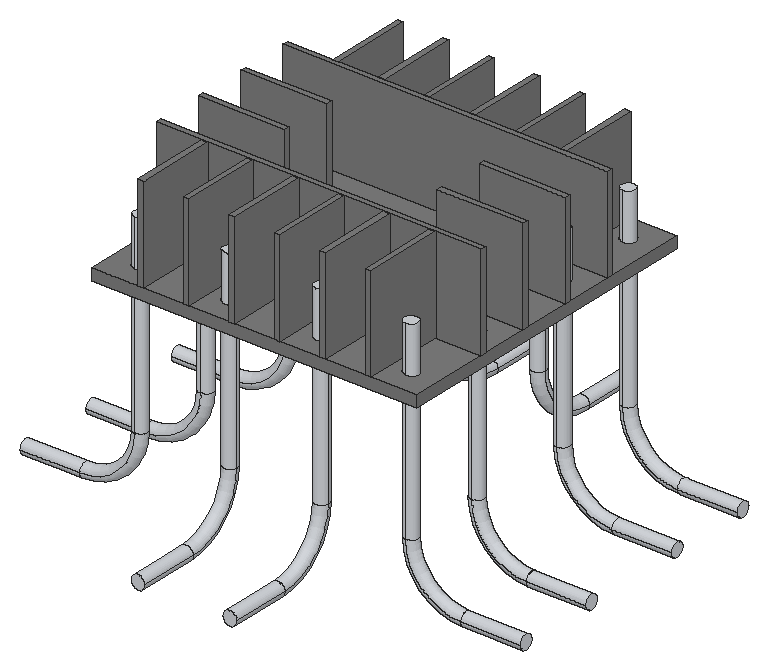
Revit family "BPL8", category Generic Models, host Face, Revit 2018
Family settings
  Host = Face
  Can host rebar = Yes
  Round Connector Dimension = Use Diameter
  Part Type = Normal
  Cut with Voids When Loaded = No
  Shared = No
  Room Calculation Point = No
Parameters
  void = 38 mm
  t = 30 mm
  W = 850 mm
  L = 850 mm
  Default Elevation = 1219.2 mm
  BS-MAT = STEEL
Reference planes
  plane 1 "Center (Front/Back)": y = 0
  plane 2: z = 0
  plane 3 "Center (Left/Right)": x = 0
  plane 4: y = 425
  plane 5: x = 425
  plane 6: x = -425
  plane 7: y = -425
  plane 8: z = 30
Forms (mm)
  Extrusion 1, solid, material "STEEL"
    sketch origin (0, 0, 0) x (1, 0, 0) y (0, 1, 0)
      loop
        line (-425, 425) -> (-425, -425) -> (425, -425) -> (425, 425) -> (-425, 425)
    from 0 to 30
  Extrusion 2, void
    sketch origin (4.344, -45.398, 0) x (1, 0, 0) y (0, 1, 0)
      loop
        circle (350.656, -309.602) r 19
    from -232.119 to 250
  Extrusion 3, void
    sketch origin (-4.344, -45.398, 0) x (-1, 0, 0) y (0, -1, 0)
      loop
        circle (350.656, 309.602) r 19
    from -232.119 to 250
  Extrusion 4, void
    sketch origin (4.344, 45.398, 0) x (1, 0, 0) y (0, 1, 0)
      loop
        circle (350.656, 309.602) r 19
    from -232.119 to 250
  Extrusion 5, void
    sketch origin (-4.344, 45.398, 0) x (-1, 0, 0) y (0, -1, 0)
      loop
        circle (350.656, -309.602) r 19
    from -232.119 to 250
  Extrusion 6, void
    sketch origin (230.656, -45.398, 0) x (-1, 0, 0) y (0, -1, 0)
      loop
        circle (350.656, 309.602) r 19
    from -232.119 to 250
  Extrusion 7, void
    sketch origin (-230.656, -45.398, 0) x (1, 0, 0) y (0, 1, 0)
      loop
        circle (350.656, -309.602) r 19
    from -232.119 to 250
  Extrusion 8, void
    sketch origin (230.656, 45.398, 0) x (-1, 0, 0) y (0, -1, 0)
      loop
        circle (350.656, -309.602) r 19
    from -232.119 to 250
  Extrusion 9, void
    sketch origin (-230.656, 45.398, 0) x (1, 0, 0) y (0, 1, 0)
      loop
        circle (350.656, 309.602) r 19
    from -232.119 to 250
  Extrusion 10, void
    sketch origin (-4.344, 169.602, 0) x (-1, 0, 0) y (0, -1, 0)
      loop
        circle (350.656, 309.602) r 19
    from -232.119 to 250
  Extrusion 11, void
    sketch origin (-4.344, 449.602, 0) x (-1, 0, 0) y (0, -1, 0)
      loop
        circle (350.656, 309.602) r 19
    from -232.119 to 250
  Extrusion 12, void
    sketch origin (4.344, 169.602, 0) x (1, 0, 0) y (0, 1, 0)
      loop
        circle (350.656, -309.602) r 19
    from -232.119 to 250
  Extrusion 13, void
    sketch origin (4.344, 449.602, 0) x (1, 0, 0) y (0, 1, 0)
      loop
        circle (350.656, -309.602) r 19
    from -232.119 to 250
Cuts and joins
  Extrusion 2, Extrusion 3, Extrusion 4, Extrusion 5, Extrusion 6, Extrusion 7, Extrusion 8, Extrusion 9, Extrusion 10, Extrusion 11, Extrusion 12, Extrusion 13 cuts Extrusion 1
Dimensions and locks
  equal spacing: plane 6, plane 3 "Center (Left/Right)", plane 5
  "L": plane 6 to plane 5
  equal spacing: plane 4, plane 1 "Center (Front/Back)", plane 7
  "W": plane 4 to plane 7
  "t": host face to plane 8
  "void": diameter of Extrusion 2 sketch curve
  "void": diameter of Extrusion 3 sketch curve
  "void": diameter of Extrusion 4 sketch curve
  "void": diameter of Extrusion 5 sketch curve
  "void": diameter of Extrusion 6 sketch curve
  "void": diameter of Extrusion 7 sketch curve
  "void": diameter of Extrusion 8 sketch curve
  "void": diameter of Extrusion 9 sketch curve
  "void": diameter of Extrusion 10 sketch curve
  "void": diameter of Extrusion 11 sketch curve
  "void": diameter of Extrusion 12 sketch curve
  "void": diameter of Extrusion 13 sketch curve
  aligned and locked: plane 2 to host face
  aligned and locked: level to host face
  aligned and locked: Extrusion 1 sketch curve to plane 4
  aligned and locked: plane 6 to Extrusion 1 sketch curve
  aligned and locked: Extrusion 1 sketch curve to plane 7
  aligned and locked: Extrusion 1 sketch curve to plane 5
  aligned and locked: plane 8 to Extrusion 1
Automatic sketch dimensions
  host sketch curve to host sketch curve = 2438.4 mm  (x2)
  Extrusion 2 sketch curve to plane 5 = 70 mm
  Extrusion 2 sketch curve to plane 7 = 70 mm
  Extrusion 3 sketch curve to plane 6 = 70 mm
  plane 7 to Extrusion 3 sketch curve = 70 mm
  plane 5 to Extrusion 4 sketch curve = 70 mm
  plane 4 to Extrusion 4 sketch curve = 70 mm
  plane 6 to Extrusion 5 sketch curve = 70 mm
  Extrusion 5 sketch curve to plane 4 = 70 mm
  plane 3 "Center (Left/Right)" to Extrusion 6 sketch curve = 120 mm
  plane 7 to Extrusion 6 sketch curve = 70 mm
  plane 3 "Center (Left/Right)" to Extrusion 7 sketch curve = 120 mm
  Extrusion 7 sketch curve to plane 7 = 70 mm
  Extrusion 8 sketch curve to plane 3 "Center (Left/Right)" = 120 mm
  Extrusion 8 sketch curve to plane 4 = 70 mm
  Extrusion 9 sketch curve to plane 3 "Center (Left/Right)" = 120 mm
  plane 4 to Extrusion 9 sketch curve = 70 mm
  Extrusion 10 sketch curve to plane 6 = 70 mm
  Extrusion 10 sketch curve to plane 1 "Center (Front/Back)" = 140 mm
  Extrusion 11 sketch curve to plane 6 = 70 mm
  plane 1 "Center (Front/Back)" to Extrusion 11 sketch curve = 140 mm
  Extrusion 12 sketch curve to plane 5 = 70 mm
  plane 1 "Center (Front/Back)" to Extrusion 12 sketch curve = 140 mm
  Extrusion 13 sketch curve to plane 5 = 70 mm
  Extrusion 13 sketch curve to plane 1 "Center (Front/Back)" = 140 mm
Nested families
  nested 1: "STIFNER1" at (394.189, -207.5, 30), type "STIFNER1"
    with BS-t 15 mm, BS-L 850 mm, BS-H2 250 mm, BS-H1 250 mm
  nested 2: "STIFNER1" at (394.189, 207.5, 30), type "STIFNER1"
    with BS-t 15 mm, BS-L 850 mm, BS-H2 250 mm, BS-H1 250 mm
  nested 3: "STIFNER1" at (298.214, 394.189, 30) x (0, 1, 0) z (0, 0, 1), type "STIFNER C"
    with BS-t 15 mm, BS-L 210 mm, BS-H2 250 mm, BS-H1 250 mm
  nested 4: "STIFNER1" at (178.929, 394.189, 30) x (0, 1, 0) z (0, 0, 1), type "STIFNER C"
    with BS-t 15 mm, BS-L 210 mm, BS-H2 250 mm, BS-H1 250 mm
  nested 5: "STIFNER1" at (59.643, 394.189, 30) x (0, 1, 0) z (0, 0, 1), type "STIFNER C"
    with BS-t 15 mm, BS-L 210 mm, BS-H2 250 mm, BS-H1 250 mm
  nested 6: "STIFNER1" at (-59.643, 394.189, 30) x (0, 1, 0) z (0, 0, 1), type "STIFNER C"
    with BS-t 15 mm, BS-L 210 mm, BS-H2 250 mm, BS-H1 250 mm
  nested 7: "STIFNER1" at (-178.929, 394.189, 30) x (0, 1, 0) z (0, 0, 1), type "STIFNER C"
    with BS-t 15 mm, BS-L 210 mm, BS-H2 250 mm, BS-H1 250 mm
  nested 8: "STIFNER1" at (-298.214, 394.189, 30) x (0, 1, 0) z (0, 0, 1), type "STIFNER C"
    with BS-t 15 mm, BS-L 210 mm, BS-H2 250 mm, BS-H1 250 mm
  nested 9: "STIFNER1" at (298.214, -394.189, 30) x (0, -1, 0) z (0, 0, 1), type "STIFNER C"
    with BS-t 15 mm, BS-L 210 mm, BS-H2 250 mm, BS-H1 250 mm
  nested 10: "STIFNER1" at (178.929, -394.189, 30) x (0, -1, 0) z (0, 0, 1), type "STIFNER C"
    with BS-t 15 mm, BS-L 210 mm, BS-H2 250 mm, BS-H1 250 mm
  nested 11: "STIFNER1" at (59.643, -394.189, 30) x (0, -1, 0) z (0, 0, 1), type "STIFNER C"
    with BS-t 15 mm, BS-L 210 mm, BS-H2 250 mm, BS-H1 250 mm
  nested 12: "STIFNER1" at (-59.643, -394.189, 30) x (0, -1, 0) z (0, 0, 1), type "STIFNER C"
    with BS-t 15 mm, BS-L 210 mm, BS-H2 250 mm, BS-H1 250 mm
  nested 13: "STIFNER1" at (-178.929, -394.189, 30) x (0, -1, 0) z (0, 0, 1), type "STIFNER C"
    with BS-t 15 mm, BS-L 210 mm, BS-H2 250 mm, BS-H1 250 mm
  nested 14: "STIFNER1" at (-298.214, -394.189, 30) x (0, -1, 0) z (0, 0, 1), type "STIFNER C"
    with BS-t 15 mm, BS-L 210 mm, BS-H2 250 mm, BS-H1 250 mm
  nested 15: "STIFNER1" at (394.189, 69.167, 30), type "STIFNER B"
    with BS-t 15 mm, BS-L 225 mm, BS-H2 250 mm, BS-H1 250 mm
  nested 16: "STIFNER1" at (394.189, -69.167, 30), type "STIFNER B"
    with BS-t 15 mm, BS-L 225 mm, BS-H2 250 mm, BS-H1 250 mm
  nested 17: "STIFNER1" at (-394.189, 69.167, 30) x (-1, 0, 0) z (0, 0, 1), type "STIFNER B"
    with BS-t 15 mm, BS-L 225 mm, BS-H2 250 mm, BS-H1 250 mm
  nested 18: "STIFNER1" at (-394.189, -69.167, 30) x (-1, 0, 0) z (0, 0, 1), type "STIFNER B"
    with BS-t 15 mm, BS-L 225 mm, BS-H2 250 mm, BS-H1 250 mm
  nested 19: "bs-bolt" at (355, -355, 0), type "bs-bolt"
  nested 20: "bs-bolt" at (-355, -355, 0) x (-1, 0, 0) z (0, 0, 1), type "bs-bolt"
  nested 21: "bs-bolt" at (355, 355, 0), type "bs-bolt"
  nested 22: "bs-bolt" at (-355, 355, 0) x (-1, 0, 0) z (0, 0, 1), type "bs-bolt"
  nested 23: "bs-bolt" at (-120, -355, 0) x (0, -1, 0) z (0, 0, 1), type "bs-bolt"
  nested 24: "bs-bolt" at (120, -355, 0) x (0, -1, 0) z (0, 0, 1), type "bs-bolt"
  nested 25: "bs-bolt" at (-120, 355, 0) x (0, 1, 0) z (0, 0, 1), type "bs-bolt"
  nested 26: "bs-bolt" at (120, 355, 0) x (0, 1, 0) z (0, 0, 1), type "bs-bolt"
  nested 27: "bs-bolt" at (-355, -140, 0) x (-1, 0, 0) z (0, 0, 1), type "bs-bolt"
  nested 28: "bs-bolt" at (-355, 140, 0) x (-1, 0, 0) z (0, 0, 1), type "bs-bolt"
  nested 29: "bs-bolt" at (355, -140, 0), type "bs-bolt"
  nested 30: "bs-bolt" at (355, 140, 0), type "bs-bolt"
Definition of nested family "STIFNER1"
  Parameters (values of type "STIFNER1")
    Default Elevation = 1219.2 mm
    BS-t = 346.905 mm
    BS-MATERIAL = none
    BS-L = 1638.809 mm
    BS-H2 = 794.167 mm
    BS-H1 = 1200 mm
  Reference planes
    plane 1 "Center (Front/Back)": y = 0
    plane 2: z = 0
    plane 3 "Center (Left/Right)": x = 0
    plane 4: z = 1200
    plane 5: z = 794.167
    plane 6: x = 819.621
    plane 7: x = -819.189
    plane 8: y = 173.452
    plane 9: y = -173.452
  Forms (mm)
    Extrusion 1, solid
      sketch origin (0, 0, 0) x (1, 0, 0) y (0, 1, 0)
        loop
          line (-1219.2, 1219.2) -> (-1219.2, -1219.2) -> (1219.2, -1219.2) -> (1219.2, 1219.2) -> (-1219.2, 1219.2)
      from 0 to -304.8
    Extrusion 2, solid, material <- "BS-MATERIAL"
      sketch origin (0, 0, 0) x (1, 0, 0) y (0, 0, 1)
        loop
          line (819.621, 1200) -> (-819.189, 794.167) -> (-819.189, 0) -> (819.621, 0) -> (819.621, 1200)
      from -173.452 to 173.452
  Dimensions and locks
    plane 7 to plane 3 "Center (Left/Right)" to plane 6 = 819.189 mm, 819.621 mm
    "BS-L": plane 7 to plane 6
    "BS-H1": Extrusion 1 to plane 4
    "BS-H2": Extrusion 1 to plane 5
    equal spacing: plane 8, plane 1 "Center (Front/Back)", plane 9
    "BS-t": plane 8 to plane 9
    aligned and locked: plane 2 to Extrusion 1
    aligned and locked: level to Extrusion 1
    aligned and locked: plane 6 to Extrusion 2 sketch curve
    aligned and locked: level to Extrusion 2 sketch curve
    aligned and locked: Extrusion 2 sketch curve to plane 7
    aligned and locked: Extrusion 2 to plane 9
    aligned and locked: plane 8 to Extrusion 2
  Automatic sketch dimensions
    Extrusion 1 sketch curve to Extrusion 1 sketch curve = 2438.4 mm  (x2)
    Extrusion 2 sketch curve to plane 5 = 0 mm
    Extrusion 2 sketch curve to plane 4 = 0 mm
Definition of nested family "bs-bolt"
  Parameters (values of type "bs-bolt")
    void = 100 mm
    ancker-L = 500 mm
    Diameter = 36 mm
    Default Elevation = 1300 mm
    Ancker-L2 = 300 mm
    Ancker-L1 = 150 mm
  Reference planes
    plane 1 "Center (Front/Back)": y = 0
    plane 2: z = 0
    plane 3 "Center (Left/Right)": x = 0
    plane 4: z = -500
    plane 5: x = 300
    plane 6: z = 150
  Forms (mm)
    Extrusion 1, solid
      sketch origin (0, 0, 0) x (1, 0, 0) y (0, 1, 0)
        loop
          line (-1219.2, 1219.2) -> (-1219.2, -1219.2) -> (1219.2, -1219.2) -> (1219.2, 1219.2) -> (-1219.2, 1219.2)
      from 0 to -110.519
    Sweep 2, solid
      path origin (-0.87, 0, -2.046) x (1, 0, 0) y (0, 0, 1)
        loop
          line (0.87, 152.046) -> (0.87, -353.954)
          arc (0.87, -353.954) -> (43.046, -455.778) -> (144.87, -497.954) r 144
          line (144.87, -497.954) -> (300.87, -497.954)
      profile origin (0, 0, -103) x (0, -1, 0) y (1, 0, 0)
        loop
          circle (0, 0) r 18
  Dimensions and locks
    "Ancker-L1": Extrusion 1 to plane 6
    "ancker-L": plane 4 to Extrusion 1
    "Ancker-L2": plane 5 to plane 3 "Center (Left/Right)"
    "Diameter": diameter of Sweep 2 sketch curve
    aligned and locked: plane 2 to Extrusion 1
    aligned and locked: level to Extrusion 1
    aligned and locked: plane 4 to Sweep 2 sketch curve
    aligned and locked: Sweep 2 sketch curve to plane 3 "Center (Left/Right)"
    aligned and locked: plane 5 to Sweep 2 sketch curve
  Automatic sketch dimensions
    Extrusion 1 sketch curve to Extrusion 1 sketch curve = 2438.4 mm  (x2)
    Sweep 2 sketch curve to plane 6 = 0 mm
    Sweep 2 sketch curve to Sweep 2 sketch curve = 144 mm
    plane 1 "Center (Front/Back)" to Sweep 2 sketch curve = 0 mm
    Sweep 2 sketch curve to profile plane = 0 mm
